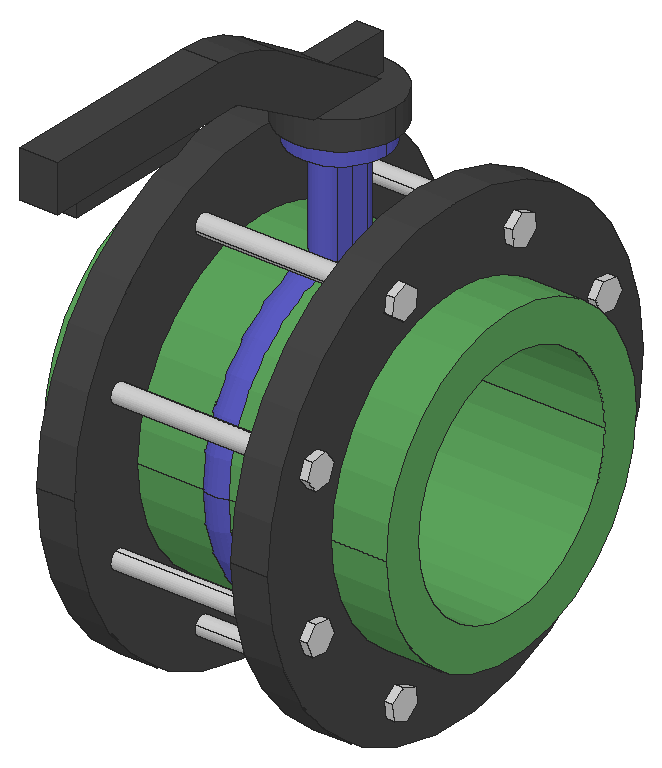
Revit family "Aquatherm_Запорный клапан с рычагом", category Соединительные детали трубопроводов, Revit 2019
Family settings
  Размер круглого соединителя = Использовать диаметр
  Тип детали = Соединение
  На основе рабочей плоскости = Нет
  Всегда вертикально = Да
  При загрузке вырезать с полостями = Нет
  Общий = Нет
Parameters (values of type "SDR 9")
  Материал_Корпус_3 = AquaTherm blue pipe
  Материал_Корпус_2 = AquaTherm black pipe
  Материал_Корпус = AquaTherm green pipe
  Материал_Гайки = AquaTherm сталь pipe
  z [instance] = size_lookup("Запорный клапан с рычагом", "z", 5 mm, d)  # 104 mm
  n [instance] = d1 / 2 * cos(22.50°)  # 96.545 mm
  m [instance] = d1 / 2 * sin(22.50°)  # 39.99 mm
  d1 [instance] = (D - d) + D  # 209 mm
  URL = "www.agpipe.ru"
  SDR = 9 mm
  D [instance] = size_lookup("Запорный клапан с рычагом", "D", d + 8 mm, d)  # 167 mm
  l [instance] = size_lookup("Запорный клапан с рычагом", "L", 20 mm, d)  # 184 mm
  d [instance] = 125 mm
  ADSK_Примечание = ""
  ADSK_Позиция [instance] = ""
  ADSK_Обозначение = ""
  ADSK_Наименование [instance] = size_lookup("Запорный клапан с рычагом", "ADSK_Наименование", "Нет в каталоге", d)  # "Запорный клапан с рычагом DN125"
  ADSK_Масса_Текст [instance] = size_lookup("Запорный клапан с рычагом", "ADSK_Масса_Текст", "Нет в каталоге", d)  # "15"
  ADSK_Код изделия [instance] = size_lookup("Запорный клапан с рычагом", "ADSK_Код изделия", "Нет в каталоге", d)  # "2041826"
  ADSK_Завод-изготовитель = "Aquatherm"  # constant formula
  ADSK_Единица измерения = "шт."  # constant formula
Types (6, lengths in mm): name | SDR
  (no name) | 9
  SDR 6 | 6
  SDR 7.4 | 7.4
  SDR 9 | 9
  SDR 11 | 11
  SDR 17.6 | 17.6
Reference planes
  plane 1 "По центру (Вперед/Назад)": y = 0
  plane 2: z = 0
  plane 3 "По центру (Влево/Вправо)": x = 0
  plane 4: x = -92
  plane 5: x = 92
  plane 6: x = -52
  plane 7: x = 52
Forms (mm)
  Extrusion 1, solid, material "AquaTherm green pipe" <- "Материал_Корпус"
    sketch origin (0, 0, 0) x (0, 1, 0) y (0, 0, 1)
      loop
        circle (0, 0) r 83.5
      loop
        circle (0, 0) r 62.5
    from -92 to 92
  Sweep 2, solid, material "AquaTherm blue pipe" <- "Материал_Корпус_3"
    path origin (0, 0, 0) x (0, 1, 0) y (0, 0, 1)
      loop
        circle (0, 0) r 83.5
    profile origin (0, 0, 83.5) x (0, 0, -1) y (1, 0, 0)
      loop
        arc (0, 6.977) -> (-2.187, -0.012) -> (0, -7) r 12.258
        line (0, -7) -> (0, 6.977)
  Extrusion 3, solid, material "AquaTherm blue pipe" <- "Материал_Корпус_3"
    sketch origin (0, 0, 0) x (1, 0, 0) y (0, 1, 0)
      loop
        circle (0, 0) r 25
    from 135 to 145
  Extrusion 4, solid, material "AquaTherm black pipe" <- "Материал_Корпус_2"
    sketch origin (0, 0, 0) x (1, 0, 0) y (0, 1, 0)
      loop
        circle (0, 0) r 30
    from 145 to 160
  Extrusion 5, solid, material "AquaTherm blue pipe" <- "Материал_Корпус_3"
    sketch origin (0, 0, 0) x (1, 0, 0) y (0, 1, 0)
      loop
        line (-7, 0) -> (-7, -10)
        arc (-7, -10) -> (-0.012, -16.988) -> (6.977, -10) r 6.988
        line (6.977, -10) -> (6.977, 0) -> (6.977, 10)
        arc (6.977, 10) -> (-0.012, 16.988) -> (-7, 10) r 6.988
        line (-7, 10) -> (-7, 0)
    from 0 to 135
  Extrusion 6, solid, material "AquaTherm black pipe" <- "Материал_Корпус_2"
    sketch origin (0, 0, 0) x (0, 1, 0) y (0, 0, 1)
      loop
        line (-30, 160) -> (15, 160) -> (-54.192, 203.761)
        arc (-54.192, 203.761) -> (-72.792, 212.134) -> (-92.987, 215) r 72.579
        line (-92.987, 215) -> (-201.962, 215) -> (-201.962, 190) -> (-81.962, 190) -> (-30, 160)
    from -10 to 10
  Extrusion 7, solid, material "AquaTherm black pipe" <- "Материал_Корпус_2"
    sketch origin (0, 0, 0) x (0, 1, 0) y (0, 0, 1)
      loop
        line (-185, 190) -> (-185, 180) -> (-118.555, 180) -> (-97.11, 190) -> (-185, 190)
      loop
        line (20, 160) -> (20, 180) -> (-20, 180) -> (-20, 160) -> (20, 160)
    from -7 to 6.977
  Extrusion 8, void
    sketch origin (0, 0, 0) x (0, 1, 0) y (0, 0, 1)
      loop
        circle (0, 0) r 62.5
    from -92 to 92
Cuts and joins
  joined: Extrusion 6, Extrusion 7
  Extrusion 8 cuts Extrusion 5
  Extrusion 8 cuts Extrusion 1
Lines and regions (mm)
  reference lines
    curve 1: line (-92, 0, 0) -> (92, 0, 0)
Dimensions and locks
  equal spacing: plane 4, plane 3 "По центру (Влево/Вправо)", plane 5
  "l": plane 4 to plane 5
  equal spacing: plane 6, plane 3 "По центру (Влево/Вправо)", plane 7
  "z": plane 6 to plane 7
  Sweep 2 sketch curve to profile plane to Sweep 2 sketch curve = 6.977 mm locked, 7 mm locked
  "d": diameter of Extrusion 1 sketch curve
  "D": diameter of Extrusion 1 sketch curve
  "D": diameter of Sweep 2 sketch curve
  "d": diameter of Extrusion 8 sketch curve
  aligned and locked: level to plane 2
  aligned and locked: plane 5 to Extrusion 1
  aligned and locked: Extrusion 1 to plane 4
  aligned and locked: profile plane to Sweep 2 sketch curve
  aligned and locked: Extrusion 4 to Extrusion 3
  aligned and locked: nested 2 to plane 7
  aligned and locked: nested 1 to plane 6
  aligned and locked: plane 3 "По центру (Влево/Вправо)" to nested 3
  aligned and locked: Extrusion 8 to plane 4
  aligned and locked: plane 5 to Extrusion 8
  aligned and locked: plane 5 to curve 1
  aligned and locked: plane 4 to curve 1
Automatic sketch dimensions
  Sweep 2 sketch curve to profile plane = 10.07 mm
  plane 1 "По центру (Вперед/Назад)" to Extrusion 3 sketch curve = 0 mm
  Extrusion 3 sketch curve to plane 3 "По центру (Влево/Вправо)" = 0 mm
  plane 1 "По центру (Вперед/Назад)" to Extrusion 4 sketch curve = 0 mm
  Extrusion 4 sketch curve to plane 3 "По центру (Влево/Вправо)" = 0 mm
  plane 1 "По центру (Вперед/Назад)" to Extrusion 5 sketch curve = 0 mm  (x2)
  Extrusion 5 sketch curve to plane 3 "По центру (Влево/Вправо)" = 7 mm
  Extrusion 5 sketch curve to plane 3 "По центру (Влево/Вправо)" = 0.012 mm
  Extrusion 5 sketch curve to Extrusion 5 sketch curve = 10 mm
  Extrusion 5 sketch curve to plane 1 "По центру (Вперед/Назад)" = 10 mm
  plane 1 "По центру (Вперед/Назад)" to Extrusion 6 sketch curve = 201.962 mm
  plane 1 "По центру (Вперед/Назад)" to Extrusion 6 sketch curve = 92.987 mm
  Extrusion 6 sketch curve to Extrusion 6 sketch curve = 11.026 mm
  Extrusion 6 sketch curve to Extrusion 6 sketch curve = 27.77 mm
  plane 1 "По центру (Вперед/Назад)" to Extrusion 6 sketch curve = 30 mm
  Extrusion 6 sketch curve to plane 1 "По центру (Вперед/Назад)" = 15 mm
  level to Extrusion 6 sketch curve = 142.421 mm
  Extrusion 6 sketch curve to Extrusion 6 sketch curve = 17.579 mm
  Extrusion 6 sketch curve to Extrusion 6 sketch curve = 47.579 mm
  Extrusion 6 sketch curve to Extrusion 6 sketch curve = 13.761 mm
  plane 1 "По центру (Вперед/Назад)" to Extrusion 7 sketch curve = 185 mm
  Extrusion 7 sketch curve to Extrusion 7 sketch curve = 66.445 mm
  Extrusion 7 sketch curve to Extrusion 7 sketch curve = 21.445 mm
  plane 1 "По центру (Вперед/Назад)" to Extrusion 7 sketch curve = 20 mm
  Extrusion 7 sketch curve to plane 1 "По центру (Вперед/Назад)" = 20 mm
  level to Extrusion 7 sketch curve = 180 mm
  Extrusion 7 sketch curve to Extrusion 7 sketch curve = 0 mm
  Extrusion 7 sketch curve to Extrusion 7 sketch curve = 10 mm
  Extrusion 7 sketch curve to Extrusion 7 sketch curve = 20 mm
  plane 1 "По центру (Вперед/Назад)" to curve 1 = 0 mm
  Extrusion 1 sketch curve to Extrusion 1 sketch curve = 0 mm  (x2)
  Extrusion 1 sketch curve to level = 0 mm
  Extrusion 1 sketch curve to plane 1 "По центру (Вперед/Назад)" = 0 mm
  Sweep 2 sketch curve to level = 0 mm
  Sweep 2 sketch curve to plane 1 "По центру (Вперед/Назад)" = 0 mm
  Extrusion 8 sketch curve to level = 0 mm
  Extrusion 8 sketch curve to plane 1 "По центру (Вперед/Назад)" = 0 mm
  radius of Extrusion 3 sketch curve = 25 mm
  radius of Extrusion 4 sketch curve = 30 mm
Nested families
  nested 1: "Aquatherm_Фланец" at (-52, 0, 0), DN <- "d", d <- "D", Материал_Фланец <- "Материал_Корпус_2", type "Aquatherm_Фланец"
    with Материал_Фланец AquaTherm black pipe, n 8, d2 18 mm, d1 210 mm, d 167 mm, N 8 mm, L 20 mm, DN 125 mm, D 251 mm, ADSK_Позиция "", ADSK_Обозначение "", ADSK_Наименование "Фланец DN125", ADSK_Масса_Текст "2.082", ADSK_Код изделия "15726"
  nested 2: "Aquatherm_Фланец" at (52, 0, 0) x (-1, 0, 0) z (0, 0, 1), DN <- "d", d <- "D", Материал_Фланец <- "Материал_Корпус_2", type "Aquatherm_Фланец"
    with Материал_Фланец AquaTherm black pipe, n 8, d2 18 mm, d1 210 mm, d 167 mm, N 8 mm, L 20 mm, DN 125 mm, D 251 mm, ADSK_Позиция "", ADSK_Обозначение "", ADSK_Наименование "Фланец DN125", ADSK_Масса_Текст "2.082", ADSK_Код изделия "15726"
  nested 3: "Винт" at (0, 0, 0), d1 <- "d1", z <- "z", Материал_Корпус <- "Материал_Гайки", type "Винт"
    with Материал_Корпус AquaTherm сталь pipe, z2 124 mm, z1 84 mm, z 104 mm, d1 209 mm
  nested 4: "Винт" at (0, 0, 0) x (-1, 0, 0) z (0, 0, 1), d1 <- "d1", z <- "z", Материал_Корпус <- "Материал_Гайки", type "Винт"
    with Материал_Корпус AquaTherm сталь pipe, z2 124 mm, z1 84 mm, z 104 mm, d1 209 mm
  nested 5: "Крепление" at (0, 0, 0), d1 <- "d1", z <- "z", Материал_Корпус <- "Материал_Гайки", type "Крепление"
    with Материал_Корпус AquaTherm сталь pipe, z2 124 mm, z1 84 mm, z 104 mm, d1 209 mm
Connectors
  piping at (-92, 0, 0), diameter 125, driven by "d"
    settings: on curve 1, index 1, connector inside diameter 609.6 mm, connector length 0 mm, flow factor 0, pipe flow 0.0 L/s, pressure drop 0.0 Pa, fitting loss kfactor 0, connector angle 0.00°, fixture units 0, engagement length 0 mm, angle of deflection 0.00°, flow configuration 0, flow direction 0, fitting loss method 0, system type 28, joint type 0, gender type 0, connector reference index 2, connector utility 0, adjustable connector no, is connector primary yes, connector description ""
  piping at (92, 0, 0), diameter 125, driven by "d"
    settings: on curve 1, index 2, connector inside diameter 609.6 mm, connector length 0 mm, flow factor 0, pipe flow 0.0 L/s, pressure drop 0.0 Pa, fitting loss kfactor 0, connector angle 0.00°, fixture units 0, engagement length 0 mm, angle of deflection 0.00°, flow configuration 0, flow direction 0, fitting loss method 0, system type 28, joint type 0, gender type 0, connector reference index 1, connector utility 0, adjustable connector no, is connector primary no, connector description ""
Definition of nested family "Aquatherm_Фланец"
  Parameters (values of type "Aquatherm_Фланец")
    Материал_Фланец [instance] = none
    n [instance] = N / 1 mm  # 4
    URL = "http://aquatherm.ru/"
    N [instance] = size_lookup("Фланец", "N", 4 mm, DN)  # 4 mm
    L [instance] = 20 mm  # constant formula
    d2 [instance] = size_lookup("Фланец", "d2", 20 mm, DN)  # 18 mm
    d1 [instance] = size_lookup("Фланец", "d1", (D - d) / 2, DN)  # 145 mm
    d [instance] = 92 mm
    DN [instance] = 75 mm
    D [instance] = size_lookup("Фланец", "D", DN * 3, DN)  # 186 mm
    ADSK_Примечание = ""
    ADSK_Позиция [instance] = ""
    ADSK_Обозначение [instance] = ""
    ADSK_Наименование [instance] = size_lookup("Фланец", "ADSK_Наименование", "Нет в каталоге", DN)  # "Фланец DN75"
    ADSK_Масса_Текст [instance] = size_lookup("Фланец", "ADSK_Масса_Текст", "Нет в каталоге", DN)  # "1.132"
    ADSK_Код изделия [instance] = size_lookup("Фланец", "ADSK_Код изделия", "Нет в каталоге", DN)  # "15720"
    ADSK_Завод-изготовитель = "Aquatherm"  # constant formula
    ADSK_Единица измерения = "шт."  # constant formula
  Reference planes
    plane 1 "По центру (Вперед/Назад)": y = 0
    plane 2: z = 0
    plane 3 "По центру (Влево/Вправо)": x = 0
    plane 4: x = -10
    plane 5: x = 10
  Forms (mm)
    Extrusion 1, solid, material <- "Материал_Фланец"
      sketch origin (0, 0, 0) x (0, 1, 0) y (0, 0, 1)
        loop
          circle (0, 0) r 46
        loop
          circle (0, 0) r 93
      from -10 to 10
  Dimensions and locks
    equal spacing: plane 4, plane 3 "По центру (Влево/Вправо)", plane 5
    "L": plane 4 to plane 5
    "D": diameter of Extrusion 1 sketch curve
    "d": diameter of Extrusion 1 sketch curve
    aligned and locked: level to plane 2
    aligned and locked: Extrusion 1 to plane 4
    aligned and locked: Extrusion 1 to plane 5
  Automatic sketch dimensions
    Extrusion 1 sketch curve to Extrusion 1 sketch curve = 0 mm  (x2)
    Extrusion 1 sketch curve to level = 0 mm
    Extrusion 1 sketch curve to plane 1 "По центру (Вперед/Назад)" = 0 mm
Definition of nested family "Винт"
  Parameters (values of type "Винт")
    Материал_Корпус [instance] = none
    z2 [instance] = z + 20 mm  # 98 mm
    z1 [instance] = z - 20 mm  # 58 mm
    z [instance] = 78 mm
    d1 [instance] = 180 mm
  Reference planes
    plane 1 "По центру (Вперед/Назад)": y = 0
    plane 2: z = 0
    plane 3 "По центру (Влево/Вправо)": x = 0
    plane 4: x = -29
    plane 5: x = 29
    plane 6: x = 49
    plane 7: x = -49
    plane 8: x = 54
  Forms (mm)
    Extrusion 1, void
      sketch origin (0, 0, 0) x (0, 1, 0) y (0, 0, 1)
        loop
          circle (0, 0) r 275
      from 0 to 49
    Extrusion 2, void
      sketch origin (0, 0, 0) x (0, 1, 0) y (0, 0, 1)
        loop
          circle (0, 0) r 395
      from 54 to 1035.366
    Extrusion 3, solid, material <- "Материал_Корпус"
      sketch origin (49, 34.442, 83.149) x (0, -0.382683, -0.92388) y (0, 0.92388, -0.382683)
        loop
          line (7.5, 4.33) -> (0, 8.66) -> (-7.5, 4.33) -> (-7.5, -4.33) -> (0, -8.66) -> (7.5, -4.33) -> (7.5, 4.33)
      from -49 to 466
    Extrusion 4, solid, material <- "Материал_Корпус"
      sketch origin (49, 83.149, 34.442) x (0, -0.92388, -0.382683) y (0, 0.382683, -0.92388)
        loop
          line (7.5, 4.33) -> (0, 8.66) -> (-7.5, 4.33) -> (-7.5, -4.33) -> (0, -8.66) -> (7.5, -4.33) -> (7.5, 4.33)
      from -49 to 466
    Extrusion 5, solid, material <- "Материал_Корпус"
      sketch origin (49, 83.149, -34.442) x (0, -0.92388, 0.382683) y (0, -0.382683, -0.92388)
        loop
          line (7.5, 4.33) -> (0, 8.66) -> (-7.5, 4.33) -> (-7.5, -4.33) -> (0, -8.66) -> (7.5, -4.33) -> (7.5, 4.33)
      from -49 to 466
    Extrusion 6, solid, material <- "Материал_Корпус"
      sketch origin (49, 34.442, -83.149) x (0, -0.382683, 0.92388) y (0, -0.92388, -0.382683)
        loop
          line (7.5, 4.33) -> (0, 8.66) -> (-7.5, 4.33) -> (-7.5, -4.33) -> (0, -8.66) -> (7.5, -4.33) -> (7.5, 4.33)
      from -49 to 466
    Extrusion 7, solid, material <- "Материал_Корпус"
      sketch origin (49, -34.442, -83.149) x (0, 0.382683, 0.92388) y (0, -0.92388, 0.382683)
        loop
          line (7.5, 4.33) -> (0, 8.66) -> (-7.5, 4.33) -> (-7.5, -4.33) -> (0, -8.66) -> (7.5, -4.33) -> (7.5, 4.33)
      from -49 to 466
    Extrusion 8, solid, material <- "Материал_Корпус"
      sketch origin (49, -83.149, -34.442) x (0, 0.92388, 0.382683) y (0, -0.382683, 0.92388)
        loop
          line (7.5, 4.33) -> (0, 8.66) -> (-7.5, 4.33) -> (-7.5, -4.33) -> (0, -8.66) -> (7.5, -4.33) -> (7.5, 4.33)
      from -49 to 466
    Extrusion 9, solid, material <- "Материал_Корпус"
      sketch origin (49, -83.149, 34.442) x (0, 0.92388, -0.382683) y (0, 0.382683, 0.92388)
        loop
          line (7.5, 4.33) -> (0, 8.66) -> (-7.5, 4.33) -> (-7.5, -4.33) -> (0, -8.66) -> (7.5, -4.33) -> (7.5, 4.33)
      from -49 to 466
    Extrusion 10, solid, material <- "Материал_Корпус"
      sketch origin (49, -34.442, 83.149) x (0, 0.382683, -0.92388) y (0, 0.92388, 0.382683)
        loop
          line (7.5, 4.33) -> (0, 8.66) -> (-7.5, 4.33) -> (-7.5, -4.33) -> (0, -8.66) -> (7.5, -4.33) -> (7.5, 4.33)
      from -49 to 466
  Cuts and joins
    Extrusion 1, Extrusion 2 cuts Extrusion 3
    Extrusion 1, Extrusion 2 cuts Extrusion 4
    Extrusion 1, Extrusion 2 cuts Extrusion 5
    Extrusion 1, Extrusion 2 cuts Extrusion 10
    Extrusion 1, Extrusion 2 cuts Extrusion 6
    Extrusion 1, Extrusion 2 cuts Extrusion 9
    Extrusion 1, Extrusion 2 cuts Extrusion 7
    Extrusion 1, Extrusion 2 cuts Extrusion 8
  Lines and regions (mm)
    reference lines
      curve 1: circle (0, 0, 0) r 86.5 normal (1, 0, 0)
  Dimensions and locks
    equal spacing: plane 4, plane 3 "По центру (Влево/Вправо)", plane 5
    "z1": plane 4 to plane 5
    equal spacing: plane 7, plane 3 "По центру (Влево/Вправо)", plane 6
    "z2": plane 7 to plane 6
    locked: plane 6 to plane 8 at 5
    "d1": diameter of radial array
    aligned and locked: level to plane 2
    aligned and locked: plane 6 to Extrusion 1
    aligned and locked: Extrusion 2 to plane 8
  Automatic sketch dimensions
    Extrusion 1 sketch curve to level = 0 mm
    Extrusion 1 sketch curve to plane 1 "По центру (Вперед/Назад)" = 0 mm
    Extrusion 2 sketch curve to level = 0 mm
    Extrusion 2 sketch curve to plane 1 "По центру (Вперед/Назад)" = 0 mm
    curve 1 to level = 0 mm
    curve 1 to plane 1 "По центру (Вперед/Назад)" = 0 mm
    Extrusion 3 sketch curve to Extrusion 3 sketch curve = 7.5 mm  (x3)
    Extrusion 3 sketch curve to Extrusion 3 sketch curve = 0 mm
    Extrusion 3 sketch curve to Extrusion 3 sketch curve = 4.33 mm  (x2)
    Extrusion 3 sketch curve to Extrusion 3 sketch curve = 8.66 mm  (x2)
    Extrusion 4 sketch curve to Extrusion 4 sketch curve = 7.5 mm  (x3)
    Extrusion 4 sketch curve to Extrusion 4 sketch curve = 0 mm
    Extrusion 4 sketch curve to Extrusion 4 sketch curve = 4.33 mm  (x2)
    Extrusion 4 sketch curve to Extrusion 4 sketch curve = 8.66 mm  (x2)
    Extrusion 5 sketch curve to Extrusion 5 sketch curve = 7.5 mm  (x3)
    Extrusion 5 sketch curve to Extrusion 5 sketch curve = 0 mm
    Extrusion 5 sketch curve to Extrusion 5 sketch curve = 4.33 mm  (x2)
    Extrusion 5 sketch curve to Extrusion 5 sketch curve = 8.66 mm  (x2)
    Extrusion 6 sketch curve to Extrusion 6 sketch curve = 7.5 mm  (x3)
    Extrusion 6 sketch curve to Extrusion 6 sketch curve = 0 mm
    Extrusion 6 sketch curve to Extrusion 6 sketch curve = 4.33 mm  (x2)
    Extrusion 6 sketch curve to Extrusion 6 sketch curve = 8.66 mm  (x2)
    Extrusion 7 sketch curve to Extrusion 7 sketch curve = 7.5 mm  (x3)
    Extrusion 7 sketch curve to Extrusion 7 sketch curve = 0 mm
    Extrusion 7 sketch curve to Extrusion 7 sketch curve = 4.33 mm  (x2)
    Extrusion 7 sketch curve to Extrusion 7 sketch curve = 8.66 mm  (x2)
    Extrusion 8 sketch curve to Extrusion 8 sketch curve = 7.5 mm  (x3)
    Extrusion 8 sketch curve to Extrusion 8 sketch curve = 0 mm
    Extrusion 8 sketch curve to Extrusion 8 sketch curve = 4.33 mm  (x2)
    Extrusion 8 sketch curve to Extrusion 8 sketch curve = 8.66 mm  (x2)
    Extrusion 9 sketch curve to Extrusion 9 sketch curve = 7.5 mm  (x3)
    Extrusion 9 sketch curve to Extrusion 9 sketch curve = 0 mm
    Extrusion 9 sketch curve to Extrusion 9 sketch curve = 4.33 mm  (x2)
    Extrusion 9 sketch curve to Extrusion 9 sketch curve = 8.66 mm  (x2)
    Extrusion 10 sketch curve to Extrusion 10 sketch curve = 7.5 mm  (x3)
    Extrusion 10 sketch curve to Extrusion 10 sketch curve = 0 mm
    Extrusion 10 sketch curve to Extrusion 10 sketch curve = 4.33 mm  (x2)
    Extrusion 10 sketch curve to Extrusion 10 sketch curve = 8.66 mm  (x2)
    radius of Extrusion 1 sketch curve = 275 mm
    radius of Extrusion 2 sketch curve = 395 mm
    radius of curve 1 = 86.5 mm
Definition of nested family "Крепление"
  Parameters (values of type "Крепление")
    Материал_Корпус [instance] = none
    z2 [instance] = z + 20 mm  # 98 mm
    z1 [instance] = z - 20 mm  # 58 mm
    z [instance] = 78 mm
    d1 [instance] = 180 mm
  Reference planes
    plane 1 "По центру (Вперед/Назад)": y = 0
    plane 2: z = 0
    plane 3 "По центру (Влево/Вправо)": x = 0
    plane 4: x = -29
    plane 5: x = 29
    plane 6: x = 49
    plane 7: x = -49
    plane 8: x = 54
  Forms (mm)
    Extrusion 1, void
      sketch origin (0, 0, 0) x (0, 1, 0) y (0, 0, 1)
        loop
          circle (0, 0) r 275
      from -581.385 to -29
    Extrusion 2, void
      sketch origin (0, 0, 0) x (0, 1, 0) y (0, 0, 1)
        loop
          circle (0, 0) r 395
      from 29 to 1035.366
    Extrusion 3, solid, material <- "Материал_Корпус"
      sketch origin (0, -8.979, -21.678) x (0, 0.92388, -0.382683) y (0, 0.382683, 0.92388)
        loop
          circle (0, 113.464) r 5
      from -374.689 to 410.817
    Extrusion 4, solid, material <- "Материал_Корпус"
      sketch origin (0, -21.678, -8.979) x (0, 0.382683, -0.92388) y (0, 0.92388, 0.382683)
        loop
          circle (0, 113.464) r 5
      from -374.689 to 410.817
    Extrusion 5, solid, material <- "Материал_Корпус"
      sketch origin (0, -21.678, 8.979) x (0, -0.382683, -0.92388) y (0, 0.92388, -0.382683)
        loop
          circle (0, 113.464) r 5
      from -374.689 to 410.817
    Extrusion 6, solid, material <- "Материал_Корпус"
      sketch origin (0, -8.979, 21.678) x (0, -0.92388, -0.382683) y (0, 0.382683, -0.92388)
        loop
          circle (0, 113.464) r 5
      from -374.689 to 410.817
    Extrusion 7, solid, material <- "Материал_Корпус"
      sketch origin (0, 8.979, 21.678) x (0, -0.92388, 0.382683) y (0, -0.382683, -0.92388)
        loop
          circle (0, 113.464) r 5
      from -374.689 to 410.817
    Extrusion 8, solid, material <- "Материал_Корпус"
      sketch origin (0, 21.678, 8.979) x (0, -0.382683, 0.92388) y (0, -0.92388, -0.382683)
        loop
          circle (0, 113.464) r 5
      from -374.689 to 410.817
    Extrusion 9, solid, material <- "Материал_Корпус"
      sketch origin (0, 21.678, -8.979) x (0, 0.382683, 0.92388) y (0, -0.92388, 0.382683)
        loop
          circle (0, 113.464) r 5
      from -374.689 to 410.817
    Extrusion 10, solid, material <- "Материал_Корпус"
      sketch origin (0, 8.979, -21.678) x (0, 0.92388, 0.382683) y (0, -0.382683, 0.92388)
        loop
          circle (0, 113.464) r 5
      from -374.689 to 410.817
  Cuts and joins
    Extrusion 1, Extrusion 2 cuts Extrusion 3
    Extrusion 1, Extrusion 2 cuts Extrusion 4
    Extrusion 1, Extrusion 2 cuts Extrusion 5
    Extrusion 1, Extrusion 2 cuts Extrusion 10
    Extrusion 1, Extrusion 2 cuts Extrusion 6
    Extrusion 1, Extrusion 2 cuts Extrusion 9
    Extrusion 1, Extrusion 2 cuts Extrusion 7
    Extrusion 1, Extrusion 2 cuts Extrusion 8
  Lines and regions (mm)
    reference lines
      curve 1: circle (0, 0, 0) r 86.5 normal (1, 0, 0)
  Dimensions and locks
    equal spacing: plane 4, plane 3 "По центру (Влево/Вправо)", plane 5
    "z1": plane 4 to plane 5
    equal spacing: plane 7, plane 3 "По центру (Влево/Вправо)", plane 6
    "z2": plane 7 to plane 6
    locked: plane 6 to plane 8 at 5
    "d1": diameter of radial array
    aligned and locked: level to plane 2
    aligned and locked: plane 4 to Extrusion 1
    aligned and locked: Extrusion 2 to plane 5
  Automatic sketch dimensions
    Extrusion 1 sketch curve to level = 0 mm
    Extrusion 1 sketch curve to plane 1 "По центру (Вперед/Назад)" = 0 mm
    Extrusion 2 sketch curve to level = 0 mm
    Extrusion 2 sketch curve to plane 1 "По центру (Вперед/Назад)" = 0 mm
    curve 1 to level = 0 mm
    curve 1 to plane 1 "По центру (Вперед/Назад)" = 0 mm
    radius of Extrusion 1 sketch curve = 275 mm
    radius of Extrusion 2 sketch curve = 395 mm
    radius of curve 1 = 86.5 mm
    radius of Extrusion 3 sketch curve = 5 mm
    radius of Extrusion 4 sketch curve = 5 mm
    radius of Extrusion 5 sketch curve = 5 mm
    radius of Extrusion 6 sketch curve = 5 mm
    radius of Extrusion 7 sketch curve = 5 mm
    radius of Extrusion 8 sketch curve = 5 mm
    radius of Extrusion 9 sketch curve = 5 mm
    radius of Extrusion 10 sketch curve = 5 mm
